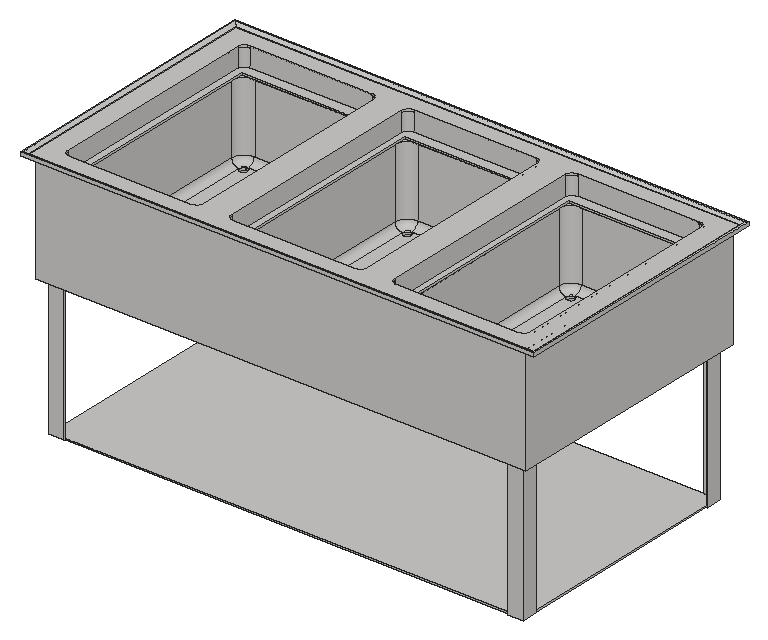
Revit family "QF_Vollrath_FC-HCF-03120", category Specialty Equipment, Revit 2021
Family settings
  Round Connector Dimension = Use Diameter
  Part Type = Normal
  OmniClass Number = 23.40.40.00
  OmniClass Title = Food Service Equipment and Furnishings
  Work Plane-Based = Yes
  Always vertical = Yes
  Cut with Voids When Loaded = Yes
  Shared = No
  Room Calculation Point = No
Parameters (values of type "FC-6HC-03120 (120/60/1)")
  Width = 49.782"  # constant formula
  Weight in Pounds = 212
  Watts = 1875 W
  Watermarked By = ""
  Waste Water Discharge Temperature [instance] = -459.67 °F
  Volts = 120 V
  URL Cutsheet = ""
  URL = "www.vollrath.com"
  Status [instance] = ""
  Specification by User [instance] = ""
  Specification by Manufacturer [instance] = ""
  Serial Number [instance] = ""
  Revision Code [instance] = ""
  Plumbing Remarks [instance] = ""
  Plumbing Connection Type = ""
  Phase = 1
  Number of Poles [instance] = 1
  NAFEM Spec ID Number [instance] = ""
  Model = "FC-6HC-03120"
  Masterspec [instance] = ""
  Manufacturer = "Vollrath"  # constant formula
  KCLRef = ""
  KCL SpecSheet URL = "http://kcl5.kclcad.com/imagehandler.ashx?kdoc=mfr_spc_drop-inhotcold3well_l36181_en_2019-01-25&R=VC&M=FC-6HC-03120%20&VC=7&TID=KCLWeb&T=doc"
  Item Number [instance] = "-"
  Installed By [instance] = ""
  Indirect Waste Size OD = Indirect Waste Size + 1/8"  # 7/8"
  Indirect Waste Size = 3/4"
  Indirect Waste Flow [instance] = 0 GPM
  Indirect Waste Connection Type [instance] = ""
  Indirect Waste Connection Height = -14.500"
  HP = ".25"
  Furnished By [instance] = ""
  Foodservice Equipment Identifier = yes
  FL Amps = 15.5 A
  Electrical Remarks [instance] = ""
  Electric Connection Type = "0"
  Elec Conn RI Height [instance] = 0.000"
  Elec Conn Connection Height [instance] = -24.000"
  Description = "Drop-In, Hot/Cold"
  Depth = 26.000"  # constant formula
  Default Elevation = 0.000"
  Cycle = 60 Hz
  Cutout Width = 49.000"  # constant formula
  Cutout Depth = 25.250"  # constant formula
  Conn Plug = "NEMA 5-20P"
  Conn Conduit = yes
  CSI MasterFormat = "11 46 16"
  Assembly Code = "E1090320"
  Apparent Power = Volts * FL Amps  # 1860 VA
Reference planes (in)
  plane 1 "BACK": y = 9.92068
  plane 2: z = 0
  plane 3 "LEFT": x = -16.56573
  plane 4 "RIGHT": x = 33.21627
  plane 5 "FRONT": y = -16.07932
  plane 6 "BOTTOM": z = -24
  plane 7 "Cutout Left": x = -16.17473
  plane 8 "Cutout Right": x = 32.82527
  plane 9 "Center LR": x = 8.32527
  plane 10 "Center FB": y = -3.07932
  plane 11 "Cutout Back": y = 9.54568
  plane 12 "Cutout Front": y = -15.70432
  plane 13 "TOP": z = 0.375
  plane 14 "Outer Bottom": z = -10.5
  plane 15 "DI Top": z = 0.125
  plane 16 "Inner Well Top": z = -1.875
  plane 17 "Well Bottom": z = -9.375
  plane 18 "Outer Back": y = 9.44968
  plane 19 "Outer Front": y = -15.60832
  plane 20 "Compressor Back": y = 8.82693
  plane 21 "Compressor Front": y = -14.98557
  plane 22 "Outer Left": x = -15.43673
  plane 23 "Outer Right": x = 32.08727
  plane 24 "Compressor Left": x = -14.70548
  plane 25 "Compressor Right": x = 31.35602
  plane 26 "One Well Left": x = -14.12823
  plane 27 "One Well Right": x = -0.95423
  plane 28 "Well Back": y = 7.88268
  plane 29 "Well Front": y = -14.04132
  plane 30 "Well Inner Front": y = -12.29132
  plane 31 "Well Inner Back": y = 6.13268
  plane 32 "One Well Inner Left": x = -12.75323
  plane 33 "One Well Inner Right": x = -2.32923
  plane 34 "Drain Bottom": z = -14.5
  plane 35 "Two Well Left": x = 1.73077
  plane 36 "Two Well Right": x = 14.90477
  plane 37 "Two Well Inner Left": x = 3.10577
  plane 38 "Two Well Inner Right": x = 13.52977
  plane 39 "Three Well Left": x = 17.58977
  plane 40 "Three Well Right": x = 30.76377
  plane 41 "Three Well Inner Left": x = 18.96477
  plane 42 "Three Well Inner Right": x = 29.38877
Forms (in)
  Extrusion 1, void
    sketch origin (0, 0, -24) x (0, 1, 0) y (-1, 0, 0)
      loop
        arc (9.54568, 15.29973) -> (9.2894, 15.91844) -> (8.67068, 16.17473) r 0.875
        line (8.67068, 16.17473) -> (-14.82932, 16.17473)
        arc (-14.82932, 16.17473) -> (-15.44804, 15.91844) -> (-15.70432, 15.29973) r 0.875
        line (-15.70432, 15.29973) -> (-15.70432, -31.95027)
        arc (-15.70432, -31.95027) -> (-15.44804, -32.56899) -> (-14.82932, -32.82527) r 0.875
        line (-14.82932, -32.82527) -> (8.67068, -32.82527)
        arc (8.67068, -32.82527) -> (9.2894, -32.56899) -> (9.54568, -31.95027) r 0.875
        line (9.54568, -31.95027) -> (9.54568, 15.29973)
    from 0 to 24
  Sweep 2, solid, material "QF_Stainless-Polished"
    path origin (0, 0, 0) x (1, 0, 0) y (0, 1, 0)
      loop
        line (-16.56573, 9.92068) -> (-16.56573, -16.07932) -> (33.21627, -16.07932) -> (33.21627, 9.92068) -> (-16.56573, 9.92068)
    profile origin (8.32527, 9.92068, 0) x (0, 1, 0) y (0, 0, 1)
      loop
        line (0, 0) -> (0, 0.375) -> (-0.125, 0.375) -> (-0.4375, 0.125) -> (-0.4375, 0) -> (0, 0)
  Extrusion 3, solid, material "QF_Stainless-Polished"
    sketch origin (0, 0, 0) x (1, 0, 0) y (0, 1, 0)
      loop
        line (-16.12823, -15.64182) -> (32.77877, -15.64182) -> (32.77877, 9.48318) -> (-16.12823, 9.48318) -> (-16.12823, -15.64182)
      loop
        arc (-13.44023, 7.88268) -> (-13.92671, 7.68117) -> (-14.12823, 7.19468) r 0.688
        line (-14.12823, 7.19468) -> (-14.12823, -13.35332)
        arc (-14.12823, -13.35332) -> (-13.92671, -13.83981) -> (-13.44023, -14.04132) r 0.688
        line (-13.44023, -14.04132) -> (-1.64223, -14.04132)
        arc (-1.64223, -14.04132) -> (-1.15574, -13.83981) -> (-0.95423, -13.35332) r 0.688
        line (-0.95423, -13.35332) -> (-0.95423, 7.19468)
        arc (-0.95423, 7.19468) -> (-1.15574, 7.68117) -> (-1.64223, 7.88268) r 0.688
        line (-1.64223, 7.88268) -> (-13.44023, 7.88268)
      loop
        arc (2.41877, 7.88268) -> (1.93229, 7.68117) -> (1.73077, 7.19468) r 0.688
        line (1.73077, 7.19468) -> (1.73077, -13.35332)
        arc (1.73077, -13.35332) -> (1.93229, -13.83981) -> (2.41877, -14.04132) r 0.688
        line (2.41877, -14.04132) -> (14.21677, -14.04132)
        arc (14.21677, -14.04132) -> (14.70326, -13.83981) -> (14.90477, -13.35332) r 0.688
        line (14.90477, -13.35332) -> (14.90477, 7.19468)
        arc (14.90477, 7.19468) -> (14.70326, 7.68117) -> (14.21677, 7.88268) r 0.688
        line (14.21677, 7.88268) -> (2.41877, 7.88268)
      loop
        arc (18.27777, 7.88268) -> (17.79129, 7.68117) -> (17.58977, 7.19468) r 0.688
        line (17.58977, 7.19468) -> (17.58977, -13.35332)
        arc (17.58977, -13.35332) -> (17.79129, -13.83981) -> (18.27777, -14.04132) r 0.688
        line (18.27777, -14.04132) -> (30.07577, -14.04132)
        arc (30.07577, -14.04132) -> (30.56226, -13.83981) -> (30.76377, -13.35332) r 0.688
        line (30.76377, -13.35332) -> (30.76377, 7.19468)
        arc (30.76377, 7.19468) -> (30.56226, 7.68117) -> (30.07577, 7.88268) r 0.688
        line (30.07577, 7.88268) -> (18.27777, 7.88268)
    from 0 to 0.125
  Extrusion 4, solid, material "QF_Stainless-Polished"
    sketch origin (0, 0, -1.875) x (0, 1, 0) y (-1, 0, 0)
      loop
        arc (7.88268, 13.44023) -> (7.68117, 13.92671) -> (7.19468, 14.12823) r 0.688
        line (7.19468, 14.12823) -> (-13.35332, 14.12823)
        arc (-13.35332, 14.12823) -> (-13.83981, 13.92671) -> (-14.04132, 13.44023) r 0.688
        line (-14.04132, 13.44023) -> (-14.04132, 1.64223)
        arc (-14.04132, 1.64223) -> (-13.83981, 1.15574) -> (-13.35332, 0.95423) r 0.688
        line (-13.35332, 0.95423) -> (7.19468, 0.95423)
        arc (7.19468, 0.95423) -> (7.68117, 1.15574) -> (7.88268, 1.64223) r 0.688
        line (7.88268, 1.64223) -> (7.88268, 13.44023)
      loop
        arc (8.00768, 13.44023) -> (7.76956, 14.0151) -> (7.19468, 14.25323) r 0.813
        line (7.19468, 14.25323) -> (-13.35332, 14.25323)
        arc (-13.35332, 14.25323) -> (-13.9282, 14.0151) -> (-14.16632, 13.44023) r 0.813
        line (-14.16632, 13.44023) -> (-14.16632, 1.64223)
        arc (-14.16632, 1.64223) -> (-13.9282, 1.06735) -> (-13.35332, 0.82923) r 0.813
        line (-13.35332, 0.82923) -> (7.19468, 0.82923)
        arc (7.19468, 0.82923) -> (7.76956, 1.06735) -> (8.00768, 1.64223) r 0.813
        line (8.00768, 1.64223) -> (8.00768, 13.44023)
    from 0 to 1.875
  Extrusion 5, solid, material "QF_Stainless-Polished"
    sketch origin (0, 0, -1.875) x (0, 1, 0) y (-1, 0, 0)
      loop
        arc (7.88268, 13.44023) -> (7.68117, 13.92671) -> (7.19468, 14.12823) r 0.688
        line (7.19468, 14.12823) -> (-13.35332, 14.12823)
        arc (-13.35332, 14.12823) -> (-13.83981, 13.92671) -> (-14.04132, 13.44023) r 0.688
        line (-14.04132, 13.44023) -> (-14.04132, 1.64223)
        arc (-14.04132, 1.64223) -> (-13.83981, 1.15574) -> (-13.35332, 0.95423) r 0.688
        line (-13.35332, 0.95423) -> (7.19468, 0.95423)
        arc (7.19468, 0.95423) -> (7.68117, 1.15574) -> (7.88268, 1.64223) r 0.688
        line (7.88268, 1.64223) -> (7.88268, 13.44023)
      loop
        line (6.81968, 13.44023) -> (-12.97832, 13.44023) -> (-12.97832, 1.64223) -> (6.81968, 1.64223) -> (6.81968, 13.44023)
    from 0 to 0.125
  Sweep 6, solid, material "QF_Stainless-Polished"
    path origin (0, 0, -1.875) x (0, 1, 0) y (-1, 0, 0)
      loop
        arc (6.81968, 12.19023) -> (6.45357, 13.07411) -> (5.56968, 13.44023) r 1.25
        line (5.56968, 13.44023) -> (-11.72832, 13.44023)
        arc (-11.72832, 13.44023) -> (-12.6122, 13.07411) -> (-12.97832, 12.19023) r 1.25
        line (-12.97832, 12.19023) -> (-12.97832, 2.89223)
        arc (-12.97832, 2.89223) -> (-12.6122, 2.00834) -> (-11.72832, 1.64223) r 1.25
        line (-11.72832, 1.64223) -> (5.56968, 1.64223)
        arc (5.56968, 1.64223) -> (6.45357, 2.00834) -> (6.81968, 2.89223) r 1.25
        line (6.81968, 2.89223) -> (6.81968, 12.19023)
    profile origin (-7.54123, 6.81968, -1.875) x (0, 1, 0) y (0, 0, 1)
      loop
        line (0, 0) -> (0, -6.688)
        arc (0, -6.688) -> (-0.20122, -7.17378) -> (-0.687, -7.375) r 0.687
        line (-0.687, -7.375) -> (-0.687, -7.5)
        arc (-0.687, -7.5) -> (-0.11283, -7.26217) -> (0.125, -6.688) r 0.812
        line (0.125, -6.688) -> (0.125, 0) -> (0, 0)
  Extrusion 7, solid, material "QF_Stainless-Polished"
    sketch origin (0, 0, -1.875) x (0, 1, 0) y (-1, 0, 0)
      loop
        arc (5.56968, 13.56523) -> (6.54195, 13.1625) -> (6.94468, 12.19023) r 1.375
        line (6.94468, 12.19023) -> (6.94468, 13.56523) -> (5.56968, 13.56523)
      loop
        arc (6.94468, 2.89223) -> (6.54195, 1.91995) -> (5.56968, 1.51723) r 1.375
        line (5.56968, 1.51723) -> (6.94468, 1.51723) -> (6.94468, 2.89223)
      loop
        arc (-13.10332, 12.19023) -> (-12.70059, 13.1625) -> (-11.72832, 13.56523) r 1.375
        line (-11.72832, 13.56523) -> (-13.10332, 13.56523) -> (-13.10332, 12.19023)
      loop
        arc (-11.72832, 1.51723) -> (-12.70059, 1.91995) -> (-13.10332, 2.89223) r 1.375
        line (-13.10332, 2.89223) -> (-13.10332, 1.51723) -> (-11.72832, 1.51723)
    from 0 to -0.125
  Extrusion 8, solid, material "QF_Stainless-Polished"
    sketch origin (0, 0, -9.375) x (0, 1, 0) y (-1, 0, 0)
      loop
        arc (6.13268, 12.19023) -> (5.96778, 12.58833) -> (5.56968, 12.75323) r 0.563
        line (5.56968, 12.75323) -> (-11.72832, 12.75323)
        arc (-11.72832, 12.75323) -> (-12.12642, 12.58833) -> (-12.29132, 12.19023) r 0.563
        line (-12.29132, 12.19023) -> (-12.29132, 2.89223)
        arc (-12.29132, 2.89223) -> (-12.12642, 2.49412) -> (-11.72832, 2.32923) r 0.563
        line (-11.72832, 2.32923) -> (5.56968, 2.32923)
        arc (5.56968, 2.32923) -> (5.96778, 2.49412) -> (6.13268, 2.89223) r 0.563
        line (6.13268, 2.89223) -> (6.13268, 12.19023)
      loop
        circle (5.56968, 12.19023) r 0.375
    from 0 to 0.125
  Extrusion 9, solid, material "QF_Stainless-Polished"
    sketch origin (0, 0, -10.5) x (0, 1, 0) y (-1, 0, 0)
      loop
        line (9.44968, 15.43673) -> (-15.60832, 15.43673) -> (-15.60832, -32.08727) -> (9.44968, -32.08727) -> (9.44968, 15.43673)
      loop
        line (-15.48332, 15.31173) -> (-15.48332, -31.96227) -> (9.32468, -31.96227) -> (9.32468, 15.31173) -> (-15.48332, 15.31173)
    from 0 to 10.5
  Extrusion 10, solid, material "QF_Stainless-Polished"
    sketch origin (0, 0, -10.5) x (0, 1, 0) y (-1, 0, 0)
      loop
        line (-15.48332, 15.31173) -> (-15.48332, -31.96227) -> (9.32468, -31.96227) -> (9.32468, 15.31173) -> (-15.48332, 15.31173)
      loop
        circle (5.56968, 12.19023) r 0.4375
      loop
        circle (5.56968, -3.66877) r 0.4375
      loop
        circle (5.56968, -19.52777) r 0.4375
    from 0 to 0.125
  Extrusion 11, solid, material "QF_Stainless-Polished"
    sketch origin (0, 0, -24) x (0, 1, 0) y (-1, 0, 0)
      loop
        line (8.82693, 14.70548) -> (7.32693, 14.70548) -> (7.32693, 14.58048) -> (8.70193, 14.58048) -> (8.70193, 13.20548) -> (8.82693, 13.20548) -> (8.82693, 14.70548)
      loop
        line (8.82693, -31.35602) -> (8.82693, -29.85602) -> (8.70193, -29.85602) -> (8.70193, -31.23102) -> (7.32693, -31.23102) -> (7.32693, -31.35602) -> (8.82693, -31.35602)
      loop
        line (-14.98557, 14.70548) -> (-14.98557, 13.20548) -> (-14.86057, 13.20548) -> (-14.86057, 14.58048) -> (-13.48557, 14.58048) -> (-13.48557, 14.70548) -> (-14.98557, 14.70548)
      loop
        line (-14.98557, -31.35602) -> (-13.48557, -31.35602) -> (-13.48557, -31.23102) -> (-14.86057, -31.23102) -> (-14.86057, -29.85602) -> (-14.98557, -29.85602) -> (-14.98557, -31.35602)
    from 0 to 13.5
  Extrusion 12, solid, material "QF_Stainless-Polished"
    sketch origin (0, 0, -24) x (0, 1, 0) y (-1, 0, 0)
      loop
        line (8.70193, 14.58048) -> (-14.86057, 14.58048) -> (-14.86057, -31.23102) -> (8.70193, -31.23102) -> (8.70193, 14.58048)
    from 0 to 0.125
  Extrusion 13, solid, material "QF_Stainless-Polished"
    sketch origin (0, 0, -14.5) x (0, 1, 0) y (-1, 0, 0)
      loop
        circle (5.56968, 12.19023) r 0.375
      loop
        circle (5.56968, 12.19023) r 0.4375
    from 0 to 5.125
  Extrusion 14, solid, material "QF_Stainless-Polished"
    sketch origin (15.859, 0, -1.875) x (0, 1, 0) y (-1, 0, 0)
      loop
        arc (7.88268, 13.44023) -> (7.68117, 13.92671) -> (7.19468, 14.12823) r 0.688
        line (7.19468, 14.12823) -> (-13.35332, 14.12823)
        arc (-13.35332, 14.12823) -> (-13.83981, 13.92671) -> (-14.04132, 13.44023) r 0.688
        line (-14.04132, 13.44023) -> (-14.04132, 1.64223)
        arc (-14.04132, 1.64223) -> (-13.83981, 1.15574) -> (-13.35332, 0.95423) r 0.688
        line (-13.35332, 0.95423) -> (7.19468, 0.95423)
        arc (7.19468, 0.95423) -> (7.68117, 1.15574) -> (7.88268, 1.64223) r 0.688
        line (7.88268, 1.64223) -> (7.88268, 13.44023)
      loop
        arc (8.00768, 13.44023) -> (7.76956, 14.0151) -> (7.19468, 14.25323) r 0.813
        line (7.19468, 14.25323) -> (-13.35332, 14.25323)
        arc (-13.35332, 14.25323) -> (-13.9282, 14.0151) -> (-14.16632, 13.44023) r 0.813
        line (-14.16632, 13.44023) -> (-14.16632, 1.64223)
        arc (-14.16632, 1.64223) -> (-13.9282, 1.06735) -> (-13.35332, 0.82923) r 0.813
        line (-13.35332, 0.82923) -> (7.19468, 0.82923)
        arc (7.19468, 0.82923) -> (7.76956, 1.06735) -> (8.00768, 1.64223) r 0.813
        line (8.00768, 1.64223) -> (8.00768, 13.44023)
    from 0 to 1.875
  Extrusion 15, solid, material "QF_Stainless-Polished"
    sketch origin (15.859, 0, -1.875) x (0, 1, 0) y (-1, 0, 0)
      loop
        arc (7.88268, 13.44023) -> (7.68117, 13.92671) -> (7.19468, 14.12823) r 0.688
        line (7.19468, 14.12823) -> (-13.35332, 14.12823)
        arc (-13.35332, 14.12823) -> (-13.83981, 13.92671) -> (-14.04132, 13.44023) r 0.688
        line (-14.04132, 13.44023) -> (-14.04132, 1.64223)
        arc (-14.04132, 1.64223) -> (-13.83981, 1.15574) -> (-13.35332, 0.95423) r 0.688
        line (-13.35332, 0.95423) -> (7.19468, 0.95423)
        arc (7.19468, 0.95423) -> (7.68117, 1.15574) -> (7.88268, 1.64223) r 0.688
        line (7.88268, 1.64223) -> (7.88268, 13.44023)
      loop
        line (6.81968, 13.44023) -> (-12.97832, 13.44023) -> (-12.97832, 1.64223) -> (6.81968, 1.64223) -> (6.81968, 13.44023)
    from 0 to 0.125
  Sweep 16, solid, material "QF_Stainless-Polished"
    path origin (15.859, 0, -1.875) x (0, 1, 0) y (-1, 0, 0)
      loop
        arc (6.81968, 12.19023) -> (6.45357, 13.07411) -> (5.56968, 13.44023) r 1.25
        line (5.56968, 13.44023) -> (-11.72832, 13.44023)
        arc (-11.72832, 13.44023) -> (-12.6122, 13.07411) -> (-12.97832, 12.19023) r 1.25
        line (-12.97832, 12.19023) -> (-12.97832, 2.89223)
        arc (-12.97832, 2.89223) -> (-12.6122, 2.00834) -> (-11.72832, 1.64223) r 1.25
        line (-11.72832, 1.64223) -> (5.56968, 1.64223)
        arc (5.56968, 1.64223) -> (6.45357, 2.00834) -> (6.81968, 2.89223) r 1.25
        line (6.81968, 2.89223) -> (6.81968, 12.19023)
    profile origin (8.31777, 6.81968, -1.875) x (0, 1, 0) y (0, 0, 1)
      loop
        line (0, 0) -> (0, -6.688)
        arc (0, -6.688) -> (-0.20122, -7.17378) -> (-0.687, -7.375) r 0.687
        line (-0.687, -7.375) -> (-0.687, -7.5)
        arc (-0.687, -7.5) -> (-0.11283, -7.26217) -> (0.125, -6.688) r 0.812
        line (0.125, -6.688) -> (0.125, 0) -> (0, 0)
  Extrusion 17, solid, material "QF_Stainless-Polished"
    sketch origin (15.859, 0, -1.875) x (0, 1, 0) y (-1, 0, 0)
      loop
        arc (5.56968, 13.56523) -> (6.54195, 13.1625) -> (6.94468, 12.19023) r 1.375
        line (6.94468, 12.19023) -> (6.94468, 13.56523) -> (5.56968, 13.56523)
      loop
        arc (6.94468, 2.89223) -> (6.54195, 1.91995) -> (5.56968, 1.51723) r 1.375
        line (5.56968, 1.51723) -> (6.94468, 1.51723) -> (6.94468, 2.89223)
      loop
        arc (-13.10332, 12.19023) -> (-12.70059, 13.1625) -> (-11.72832, 13.56523) r 1.375
        line (-11.72832, 13.56523) -> (-13.10332, 13.56523) -> (-13.10332, 12.19023)
      loop
        arc (-11.72832, 1.51723) -> (-12.70059, 1.91995) -> (-13.10332, 2.89223) r 1.375
        line (-13.10332, 2.89223) -> (-13.10332, 1.51723) -> (-11.72832, 1.51723)
    from 0 to -0.125
  Extrusion 18, solid, material "QF_Stainless-Polished"
    sketch origin (15.859, 0, -9.375) x (0, 1, 0) y (-1, 0, 0)
      loop
        arc (6.13268, 12.19023) -> (5.96778, 12.58833) -> (5.56968, 12.75323) r 0.563
        line (5.56968, 12.75323) -> (-11.72832, 12.75323)
        arc (-11.72832, 12.75323) -> (-12.12642, 12.58833) -> (-12.29132, 12.19023) r 0.563
        line (-12.29132, 12.19023) -> (-12.29132, 2.89223)
        arc (-12.29132, 2.89223) -> (-12.12642, 2.49412) -> (-11.72832, 2.32923) r 0.563
        line (-11.72832, 2.32923) -> (5.56968, 2.32923)
        arc (5.56968, 2.32923) -> (5.96778, 2.49412) -> (6.13268, 2.89223) r 0.563
        line (6.13268, 2.89223) -> (6.13268, 12.19023)
      loop
        circle (5.56968, 12.19023) r 0.375
      loop
        arc (6.13268, -3.66877) -> (5.96778, -3.27067) -> (5.56968, -3.10577) r 0.563
        line (5.56968, -3.10577) -> (-11.72832, -3.10577)
        arc (-11.72832, -3.10577) -> (-12.12642, -3.27067) -> (-12.29132, -3.66877) r 0.563
        line (-12.29132, -3.66877) -> (-12.29132, -12.96677)
        arc (-12.29132, -12.96677) -> (-12.12642, -13.36488) -> (-11.72832, -13.52977) r 0.563
        line (-11.72832, -13.52977) -> (5.56968, -13.52977)
        arc (5.56968, -13.52977) -> (5.96778, -13.36488) -> (6.13268, -12.96677) r 0.563
        line (6.13268, -12.96677) -> (6.13268, -3.66877)
      loop
        circle (5.56968, -3.66877) r 0.375
    from 0 to 0.125
  Extrusion 19, solid, material "QF_Stainless-Polished"
    sketch origin (15.859, 0, -14.5) x (0, 1, 0) y (-1, 0, 0)
      loop
        circle (5.56968, 12.19023) r 0.375
      loop
        circle (5.56968, 12.19023) r 0.4375
    from 0 to 5.125
  Extrusion 20, solid, material "QF_Stainless-Polished"
    sketch origin (31.718, 0, -1.875) x (0, 1, 0) y (-1, 0, 0)
      loop
        arc (7.88268, 13.44023) -> (7.68117, 13.92671) -> (7.19468, 14.12823) r 0.688
        line (7.19468, 14.12823) -> (-13.35332, 14.12823)
        arc (-13.35332, 14.12823) -> (-13.83981, 13.92671) -> (-14.04132, 13.44023) r 0.688
        line (-14.04132, 13.44023) -> (-14.04132, 1.64223)
        arc (-14.04132, 1.64223) -> (-13.83981, 1.15574) -> (-13.35332, 0.95423) r 0.688
        line (-13.35332, 0.95423) -> (7.19468, 0.95423)
        arc (7.19468, 0.95423) -> (7.68117, 1.15574) -> (7.88268, 1.64223) r 0.688
        line (7.88268, 1.64223) -> (7.88268, 13.44023)
      loop
        arc (8.00768, 13.44023) -> (7.76956, 14.0151) -> (7.19468, 14.25323) r 0.813
        line (7.19468, 14.25323) -> (-13.35332, 14.25323)
        arc (-13.35332, 14.25323) -> (-13.9282, 14.0151) -> (-14.16632, 13.44023) r 0.813
        line (-14.16632, 13.44023) -> (-14.16632, 1.64223)
        arc (-14.16632, 1.64223) -> (-13.9282, 1.06735) -> (-13.35332, 0.82923) r 0.813
        line (-13.35332, 0.82923) -> (7.19468, 0.82923)
        arc (7.19468, 0.82923) -> (7.76956, 1.06735) -> (8.00768, 1.64223) r 0.813
        line (8.00768, 1.64223) -> (8.00768, 13.44023)
    from 0 to 1.875
  Extrusion 21, solid, material "QF_Stainless-Polished"
    sketch origin (31.718, 0, -1.875) x (0, 1, 0) y (-1, 0, 0)
      loop
        arc (7.88268, 13.44023) -> (7.68117, 13.92671) -> (7.19468, 14.12823) r 0.688
        line (7.19468, 14.12823) -> (-13.35332, 14.12823)
        arc (-13.35332, 14.12823) -> (-13.83981, 13.92671) -> (-14.04132, 13.44023) r 0.688
        line (-14.04132, 13.44023) -> (-14.04132, 1.64223)
        arc (-14.04132, 1.64223) -> (-13.83981, 1.15574) -> (-13.35332, 0.95423) r 0.688
        line (-13.35332, 0.95423) -> (7.19468, 0.95423)
        arc (7.19468, 0.95423) -> (7.68117, 1.15574) -> (7.88268, 1.64223) r 0.688
        line (7.88268, 1.64223) -> (7.88268, 13.44023)
      loop
        line (6.81968, 13.44023) -> (-12.97832, 13.44023) -> (-12.97832, 1.64223) -> (6.81968, 1.64223) -> (6.81968, 13.44023)
    from 0 to 0.125
  Sweep 22, solid, material "QF_Stainless-Polished"
    path origin (31.718, 0, -1.875) x (0, 1, 0) y (-1, 0, 0)
      loop
        arc (6.81968, 12.19023) -> (6.45357, 13.07411) -> (5.56968, 13.44023) r 1.25
        line (5.56968, 13.44023) -> (-11.72832, 13.44023)
        arc (-11.72832, 13.44023) -> (-12.6122, 13.07411) -> (-12.97832, 12.19023) r 1.25
        line (-12.97832, 12.19023) -> (-12.97832, 2.89223)
        arc (-12.97832, 2.89223) -> (-12.6122, 2.00834) -> (-11.72832, 1.64223) r 1.25
        line (-11.72832, 1.64223) -> (5.56968, 1.64223)
        arc (5.56968, 1.64223) -> (6.45357, 2.00834) -> (6.81968, 2.89223) r 1.25
        line (6.81968, 2.89223) -> (6.81968, 12.19023)
    profile origin (24.17677, 6.81968, -1.875) x (0, 1, 0) y (0, 0, 1)
      loop
        line (0, 0) -> (0, -6.688)
        arc (0, -6.688) -> (-0.20122, -7.17378) -> (-0.687, -7.375) r 0.687
        line (-0.687, -7.375) -> (-0.687, -7.5)
        arc (-0.687, -7.5) -> (-0.11283, -7.26217) -> (0.125, -6.688) r 0.812
        line (0.125, -6.688) -> (0.125, 0) -> (0, 0)
  Extrusion 23, solid, material "QF_Stainless-Polished"
    sketch origin (31.718, 0, -1.875) x (0, 1, 0) y (-1, 0, 0)
      loop
        arc (5.56968, 13.56523) -> (6.54195, 13.1625) -> (6.94468, 12.19023) r 1.375
        line (6.94468, 12.19023) -> (6.94468, 13.56523) -> (5.56968, 13.56523)
      loop
        arc (6.94468, 2.89223) -> (6.54195, 1.91995) -> (5.56968, 1.51723) r 1.375
        line (5.56968, 1.51723) -> (6.94468, 1.51723) -> (6.94468, 2.89223)
      loop
        arc (-13.10332, 12.19023) -> (-12.70059, 13.1625) -> (-11.72832, 13.56523) r 1.375
        line (-11.72832, 13.56523) -> (-13.10332, 13.56523) -> (-13.10332, 12.19023)
      loop
        arc (-11.72832, 1.51723) -> (-12.70059, 1.91995) -> (-13.10332, 2.89223) r 1.375
        line (-13.10332, 2.89223) -> (-13.10332, 1.51723) -> (-11.72832, 1.51723)
    from 0 to -0.125
  Extrusion 24, solid, material "QF_Stainless-Polished"
    sketch origin (31.718, 0, -14.5) x (0, 1, 0) y (-1, 0, 0)
      loop
        circle (5.56968, 12.19023) r 0.375
      loop
        circle (5.56968, 12.19023) r 0.4375
    from 0 to 5.125
Cuts and joins
  joined: Sweep 6, Extrusion 7, Extrusion 8
  joined: Extrusion 3, Extrusion 4, Extrusion 5, Extrusion 14, Extrusion 15, Extrusion 20, Extrusion 21
  joined: Sweep 16, Extrusion 17, Extrusion 18, Sweep 22, Extrusion 23
Lines and regions (in)
  symbolic lines, style "QF_Details_Cutout"
    curve 1: line (-15.29973, 9.54568, -24) -> (31.95027, 9.54568, -24)
    curve 2: line (-16.17473, -14.89782, -24) -> (-16.17473, 8.67068, -24)
    curve 3: line (32.01877, -15.70432, -24) -> (-15.36823, -15.70432, -24)
    curve 4: line (32.82527, 8.67068, -24) -> (32.82527, -14.89782, -24)
    curve 5: arc (-16.17473, -14.89782, -24) -> (-15.93851, -15.4681, -24) -> (-15.36823, -15.70432, -24) r 0.8065
    curve 6: arc (-15.29973, 9.54568, -24) -> (-15.91844, 9.2894, -24) -> (-16.17473, 8.67068, -24) r 0.875
    curve 7: arc (31.95027, 9.54568, -24) -> (32.56899, 9.2894, -24) -> (32.82527, 8.67068, -24) r 0.875
    curve 8: arc (32.82527, -14.89782, -24) -> (32.58906, -15.4681, -24) -> (32.01877, -15.70432, -24) r 0.8065
  symbolic lines
    curve 9: line (-16.56573, 9.92068, -24) -> (33.21627, 9.92068, -24)
    curve 10: line (-16.56573, -16.07932, -24) -> (-16.56573, 9.92068, -24)
    curve 11: line (33.21627, -16.07932, -24) -> (-16.56573, -16.07932, -24)
    curve 12: line (33.21627, 9.92068, -24) -> (33.21627, -16.07932, -24)
    curve 13: line (-16.12823, 9.48318, -24) -> (-16.12823, -15.64182, -24)
    curve 14: line (32.77877, 9.48318, -24) -> (-16.12823, 9.48318, -24)
    curve 15: line (32.77877, -15.64182, -24) -> (32.77877, 9.48318, -24)
    curve 16: line (-16.12823, -15.64182, -24) -> (32.77877, -15.64182, -24)
    curve 17: line (32.77877, -15.64182, -24) -> (33.21627, -16.07932, -24)
    curve 18: line (32.77877, 9.48318, -24) -> (33.21627, 9.92068, -24)
    curve 19: line (-16.12823, 9.48318, -24) -> (-16.56573, 9.92068, -24)
    curve 20: line (-16.12823, -15.64182, -24) -> (-16.56573, -16.07932, -24)
    curve 21: line (-13.44023, 7.88268, -24) -> (-1.64223, 7.88268, -24)
    curve 22: line (-14.12823, -13.35332, -24) -> (-14.12823, 7.19468, -24)
    curve 23: line (-1.64223, -14.04132, -24) -> (-13.44023, -14.04132, -24)
    curve 24: line (-0.95423, 7.19468, -24) -> (-0.95423, -13.35332, -24)
    curve 25: line (-12.19023, 6.13268, -24) -> (-2.89223, 6.13268, -24)
    curve 26: line (-12.75323, -11.72832, -24) -> (-12.75323, 5.56968, -24)
    curve 27: line (-2.89223, -12.29132, -24) -> (-12.19023, -12.29132, -24)
    curve 28: line (-2.32923, 5.56968, -24) -> (-2.32923, -11.72832, -24)
    curve 29: line (-13.44023, 6.81968, -24) -> (-1.64223, 6.81968, -24)
    curve 30: line (-13.44023, -12.97832, -24) -> (-13.44023, 6.81968, -24)
    curve 31: line (-1.64223, -12.97832, -24) -> (-13.44023, -12.97832, -24)
    curve 32: line (-1.64223, 6.81968, -24) -> (-1.64223, -12.97832, -24)
    curve 33: arc (-12.19023, 5.94468, -24) -> (-11.81523, 5.56968, -24) -> (-12.19023, 5.19468, -24) r 0.375
    curve 34: arc (-12.19023, 5.19468, -24) -> (-12.56523, 5.56968, -24) -> (-12.19023, 5.94468, -24) r 0.375
    curve 35: arc (-13.44023, 5.56968, -24) -> (-13.07411, 6.45357, -24) -> (-12.19023, 6.81968, -24) r 1.25
    curve 36: arc (-2.89223, 6.81968, -24) -> (-2.00834, 6.45357, -24) -> (-1.64223, 5.56968, -24) r 1.25
    curve 37: arc (-12.19023, -12.97832, -24) -> (-13.07411, -12.6122, -24) -> (-13.44023, -11.72832, -24) r 1.25
    curve 38: arc (-1.64223, -11.72832, -24) -> (-2.00834, -12.6122, -24) -> (-2.89223, -12.97832, -24) r 1.25
    curve 39: arc (-12.75323, -11.72832, -24) -> (-12.58833, -12.12642, -24) -> (-12.19023, -12.29132, -24) r 0.563
    curve 40: arc (-2.89223, -12.29132, -24) -> (-2.49412, -12.12642, -24) -> (-2.32923, -11.72832, -24) r 0.563
    curve 41: arc (-2.32923, 5.56968, -24) -> (-2.49412, 5.96778, -24) -> (-2.89223, 6.13268, -24) r 0.563
    curve 42: arc (-12.19023, 6.13268, -24) -> (-12.58833, 5.96778, -24) -> (-12.75323, 5.56968, -24) r 0.563
    curve 43: arc (-13.44023, 7.88268, -24) -> (-13.92671, 7.68117, -24) -> (-14.12823, 7.19468, -24) r 0.688
    curve 44: arc (-1.64223, 7.88268, -24) -> (-1.15574, 7.68117, -24) -> (-0.95423, 7.19468, -24) r 0.688
    curve 45: arc (-14.12823, -13.35332, -24) -> (-13.92671, -13.83981, -24) -> (-13.44023, -14.04132, -24) r 0.688
    curve 46: arc (-1.64223, -14.04132, -24) -> (-1.15574, -13.83981, -24) -> (-0.95423, -13.35332, -24) r 0.688
    curve 47: arc (1.73077, 7.19468, -14.5) -> (1.93229, 7.68117, -14.5) -> (2.41877, 7.88268, -14.5) r 0.688
    curve 48: line (2.41877, 7.88268, -14.5) -> (14.21677, 7.88268, -14.5)
    curve 49: line (1.73077, -13.35332, -14.5) -> (1.73077, 7.19468, -14.5)
    curve 50: line (2.41877, -12.97832, -14.5) -> (2.41877, 6.81968, -14.5)
    curve 51: line (2.41877, 6.81968, -14.5) -> (14.21677, 6.81968, -14.5)
    curve 52: arc (2.41877, 5.56968, -14.5) -> (2.78489, 6.45357, -14.5) -> (3.66877, 6.81968, -14.5) r 1.25
    curve 53: arc (3.66877, 5.19468, -14.5) -> (3.29377, 5.56968, -14.5) -> (3.66877, 5.94468, -14.5) r 0.375
    curve 54: arc (3.66877, 5.94468, -14.5) -> (4.04377, 5.56968, -14.5) -> (3.66877, 5.19468, -14.5) r 0.375
    curve 55: arc (12.96677, 6.81968, -14.5) -> (13.85066, 6.45357, -14.5) -> (14.21677, 5.56968, -14.5) r 1.25
    curve 56: line (14.21677, 6.81968, -14.5) -> (14.21677, -12.97832, -14.5)
    curve 57: arc (14.21677, 7.88268, -14.5) -> (14.70326, 7.68117, -14.5) -> (14.90477, 7.19468, -14.5) r 0.688
    curve 58: line (14.90477, 7.19468, -14.5) -> (14.90477, -13.35332, -14.5)
    curve 59: arc (3.66877, -12.97832, -14.5) -> (2.78489, -12.6122, -14.5) -> (2.41877, -11.72832, -14.5) r 1.25
    curve 60: line (14.21677, -12.97832, -14.5) -> (2.41877, -12.97832, -14.5)
    curve 61: arc (2.41877, -14.04132, -14.5) -> (1.93229, -13.83981, -14.5) -> (1.73077, -13.35332, -14.5) r 0.688
    curve 62: line (14.21677, -14.04132, -14.5) -> (2.41877, -14.04132, -14.5)
    curve 63: arc (14.90477, -13.35332, -14.5) -> (14.70326, -13.83981, -14.5) -> (14.21677, -14.04132, -14.5) r 0.688
    curve 64: arc (14.21677, -11.72832, -14.5) -> (13.85066, -12.6122, -14.5) -> (12.96677, -12.97832, -14.5) r 1.25
    curve 65: arc (19.52777, -12.97832, -14.5) -> (18.64389, -12.6122, -14.5) -> (18.27777, -11.72832, -14.5) r 1.25
    curve 66: line (30.07577, -12.97832, -14.5) -> (18.27777, -12.97832, -14.5)
    curve 67: line (18.27777, -12.97832, -14.5) -> (18.27777, 6.81968, -14.5)
    curve 68: line (17.58977, -13.35332, -14.5) -> (17.58977, 7.19468, -14.5)
    curve 69: arc (18.27777, -14.04132, -14.5) -> (17.79129, -13.83981, -14.5) -> (17.58977, -13.35332, -14.5) r 0.688
    curve 70: line (30.07577, -14.04132, -14.5) -> (18.27777, -14.04132, -14.5)
    curve 71: arc (30.07577, -11.72832, -14.5) -> (29.70966, -12.6122, -14.5) -> (28.82577, -12.97832, -14.5) r 1.25
    curve 72: line (30.07577, 6.81968, -14.5) -> (30.07577, -12.97832, -14.5)
    curve 73: arc (30.76377, -13.35332, -14.5) -> (30.56226, -13.83981, -14.5) -> (30.07577, -14.04132, -14.5) r 0.688
    curve 74: line (30.76377, 7.19468, -14.5) -> (30.76377, -13.35332, -14.5)
    curve 75: arc (19.52777, 5.94468, -14.5) -> (19.90277, 5.56968, -14.5) -> (19.52777, 5.19468, -14.5) r 0.375
    curve 76: arc (19.52777, 5.19468, -14.5) -> (19.15277, 5.56968, -14.5) -> (19.52777, 5.94468, -14.5) r 0.375
    curve 77: arc (18.27777, 5.56968, -14.5) -> (18.64389, 6.45357, -14.5) -> (19.52777, 6.81968, -14.5) r 1.25
    curve 78: line (18.27777, 6.81968, -14.5) -> (30.07577, 6.81968, -14.5)
    curve 79: arc (17.58977, 7.19468, -14.5) -> (17.79129, 7.68117, -14.5) -> (18.27777, 7.88268, -14.5) r 0.688
    curve 80: line (18.27777, 7.88268, -14.5) -> (30.07577, 7.88268, -14.5)
    curve 81: arc (28.82577, 6.81968, -14.5) -> (29.70966, 6.45357, -14.5) -> (30.07577, 5.56968, -14.5) r 1.25
    curve 82: arc (30.07577, 7.88268, -14.5) -> (30.56226, 7.68117, -14.5) -> (30.76377, 7.19468, -14.5) r 0.688
Dimensions and locks (in)
  "Width": plane 4 "RIGHT" to plane 3 "LEFT"
  "Depth": plane 5 "FRONT" to plane 1 "BACK"
  equal spacing: plane 3 "LEFT", plane 9 "Center LR", plane 4 "RIGHT"
  "Cutout Width": plane 7 "Cutout Left" to plane 8 "Cutout Right"
  equal spacing: plane 7 "Cutout Left", plane 9 "Center LR", plane 8 "Cutout Right"
  equal spacing: plane 5 "FRONT", plane 10 "Center FB", plane 1 "BACK"
  "Cutout Depth": plane 12 "Cutout Front" to plane 11 "Cutout Back"
  equal spacing: plane 12 "Cutout Front", plane 10 "Center FB", plane 11 "Cutout Back"
  locked: plane 6 "BOTTOM" to plane 2 at 24
  locked: plane 13 "TOP" to level at 0.375
  locked: level to plane 14 "Outer Bottom" at 10.5
  locked: plane 13 "TOP" to plane 15 "DI Top" at 0.25
  locked: plane 15 "DI Top" to plane 16 "Inner Well Top" at 2
  locked: plane 16 "Inner Well Top" to plane 17 "Well Bottom" at 7.5
  locked: plane 3 "LEFT" to plane 22 "Outer Left" at 1.129
  locked: plane 23 "Outer Right" to plane 4 "RIGHT" at 1.129
  locked: plane 22 "Outer Left" to plane 24 "Compressor Left" at 0.73125
  locked: plane 25 "Compressor Right" to plane 23 "Outer Right" at 0.73125
  locked: plane 18 "Outer Back" to plane 11 "Cutout Back" at 0.096
  locked: plane 12 "Cutout Front" to plane 19 "Outer Front" at 0.096
  locked: plane 19 "Outer Front" to plane 21 "Compressor Front" at 0.62275
  locked: plane 20 "Compressor Back" to plane 18 "Outer Back" at 0.62275
  locked: plane 26 "One Well Left" to plane 27 "One Well Right" at 13.174
  locked: plane 29 "Well Front" to plane 28 "Well Back" at 21.924
  equal spacing: plane 29 "Well Front", plane 10 "Center FB", plane 28 "Well Back"
  locked: plane 31 "Well Inner Back" to plane 28 "Well Back" at 1.75
  locked: plane 29 "Well Front" to plane 30 "Well Inner Front" at 1.75
  locked: plane 26 "One Well Left" to plane 32 "One Well Inner Left" at 1.375
  locked: plane 33 "One Well Inner Right" to plane 27 "One Well Right" at 1.375
  plane 1 "BACK" to Sweep 2 sketch curve to Sweep 2 sketch curve = 0.125" locked, 0.3125" locked
  locked: plane 3 "LEFT" to Extrusion 3 sketch curve at 0.4375
  locked: Extrusion 3 sketch curve to plane 1 "BACK" at 0.4375
  locked: Extrusion 3 sketch curve to plane 4 "RIGHT" at 0.4375
  locked: Extrusion 3 sketch curve to plane 5 "FRONT" at 0.4375
  locked: plane 29 "Well Front" to Extrusion 4 sketch curve at 0.125
  locked: plane 28 "Well Back" to Extrusion 4 sketch curve at 0.125
  locked: Extrusion 4 sketch curve to plane 26 "One Well Left" at 0.125
  locked: plane 27 "One Well Right" to Extrusion 4 sketch curve at 0.125
  locked: plane 26 "One Well Left" to Extrusion 5 sketch curve at 0.688
  locked: Extrusion 5 sketch curve to plane 27 "One Well Right" at 0.688
  locked: Extrusion 5 sketch curve to plane 28 "Well Back" at 1.063
  locked: Extrusion 5 sketch curve to plane 29 "Well Front" at 1.063
  locked: Sweep 6 sketch curve to plane 28 "Well Back" at 1.063
  locked: plane 26 "One Well Left" to Sweep 6 sketch curve at 0.688
  locked: Sweep 6 sketch curve to plane 27 "One Well Right" at 0.688
  locked: Sweep 6 sketch curve to plane 29 "Well Front" at 1.063
  Sweep 6 sketch curve to Sweep 6 sketch curve to plane 31 "Well Inner Back" = 0.125" locked, 0.687" locked
  locked: Sweep 6 sketch curve to plane 17 "Well Bottom" at 0.125
  locked: Sweep 6 sketch curve to plane 17 "Well Bottom" at 0.812  (x2)
  locked: Extrusion 7 sketch curve to plane 31 "Well Inner Back" at 0.812
  locked: Extrusion 7 sketch curve to plane 31 "Well Inner Back" at 0.563  (x2)
  locked: Extrusion 7 sketch curve to plane 32 "One Well Inner Left" at 0.812  (x2)
  locked: plane 32 "One Well Inner Left" to Extrusion 7 sketch curve at 0.563  (x2)
  locked: Extrusion 7 sketch curve to plane 33 "One Well Inner Right" at 0.563  (x2)
  locked: plane 33 "One Well Inner Right" to Extrusion 7 sketch curve at 0.812  (x2)
  locked: plane 31 "Well Inner Back" to Extrusion 7 sketch curve at 0.812
  locked: Extrusion 7 sketch curve to plane 30 "Well Inner Front" at 0.812  (x2)
  locked: plane 30 "Well Inner Front" to Extrusion 7 sketch curve at 0.563  (x2)
  locked: plane 32 "One Well Inner Left" to Extrusion 8 sketch curve at 0.563
  locked: Extrusion 8 sketch curve to plane 31 "Well Inner Back" at 0.563
  locked: Extrusion 9 sketch curve to plane 19 "Outer Front" at 0.125
  locked: Extrusion 9 sketch curve to plane 18 "Outer Back" at 0.125
  locked: plane 22 "Outer Left" to Extrusion 9 sketch curve at 0.125
  locked: Extrusion 9 sketch curve to plane 23 "Outer Right" at 0.125
  locked: Extrusion 10 sketch curve to plane 18 "Outer Back" at 0.125
  locked: Extrusion 10 sketch curve to plane 19 "Outer Front" at 0.125
  locked: plane 22 "Outer Left" to Extrusion 10 sketch curve at 0.125
  locked: Extrusion 10 sketch curve to plane 23 "Outer Right" at 0.125
  locked: Extrusion 10 sketch curve to plane 31 "Well Inner Back" at 0.563  (x3)
  locked: plane 32 "One Well Inner Left" to Extrusion 10 sketch curve at 0.563
  plane 24 "Compressor Left" to Extrusion 11 sketch curve to Extrusion 11 sketch curve = 0.125" locked, 1.375" locked  (x2)
  Extrusion 11 sketch curve to Extrusion 11 sketch curve to plane 20 "Compressor Back" = 1.375" locked, 0.125" locked  (x2)
  Extrusion 11 sketch curve to Extrusion 11 sketch curve to plane 25 "Compressor Right" = 1.375" locked, 0.125" locked  (x2)
  plane 21 "Compressor Front" to Extrusion 11 sketch curve to Extrusion 11 sketch curve = 0.125" locked, 1.375" locked  (x2)
  locked: Extrusion 12 sketch curve to plane 21 "Compressor Front" at 0.125
  locked: Extrusion 12 sketch curve to plane 20 "Compressor Back" at 0.125
  locked: plane 24 "Compressor Left" to Extrusion 12 sketch curve at 0.125
  locked: Extrusion 12 sketch curve to plane 25 "Compressor Right" at 0.125
  locked: plane 14 "Outer Bottom" to plane 34 "Drain Bottom" at 4
  locked: plane 32 "One Well Inner Left" to Extrusion 13 sketch curve at 0.563  (x2)
  locked: Extrusion 13 sketch curve to plane 31 "Well Inner Back" at 0.563  (x2)
  locked: plane 7 "Cutout Left" to Extrusion 1 sketch curve at 0.875  (x2)
  locked: Extrusion 1 sketch curve to plane 8 "Cutout Right" at 0.875  (x2)
  locked: Extrusion 1 sketch curve to plane 11 "Cutout Back" at 0.875  (x2)
  locked: plane 12 "Cutout Front" to Extrusion 1 sketch curve at 0.875  (x2)
  locked: plane 3 "LEFT" to plane 26 "One Well Left" at 2.4375
  locked: plane 35 "Two Well Left" to plane 36 "Two Well Right" at 13.174
  locked: plane 35 "Two Well Left" to plane 37 "Two Well Inner Left" at 1.375
  locked: plane 38 "Two Well Inner Right" to plane 36 "Two Well Right" at 1.375
  locked: plane 29 "Well Front" to Extrusion 14 sketch curve at 0.125
  locked: plane 28 "Well Back" to Extrusion 14 sketch curve at 0.125
  locked: Extrusion 14 sketch curve to plane 35 "Two Well Left" at 0.125
  locked: plane 36 "Two Well Right" to Extrusion 14 sketch curve at 0.125
  locked: plane 27 "One Well Right" to plane 35 "Two Well Left" at 2.685
  locked: plane 35 "Two Well Left" to Extrusion 15 sketch curve at 0.688
  locked: Extrusion 15 sketch curve to plane 36 "Two Well Right" at 0.688
  locked: Extrusion 15 sketch curve to plane 28 "Well Back" at 1.063
  locked: Extrusion 15 sketch curve to plane 29 "Well Front" at 1.063
  locked: Sweep 16 sketch curve to Sweep 16 sketch curve at 0.125
  locked: Sweep 16 sketch curve to plane 28 "Well Back" at 1.063
  locked: plane 35 "Two Well Left" to Sweep 16 sketch curve at 0.688
  locked: Sweep 16 sketch curve to plane 36 "Two Well Right" at 0.688
  locked: Sweep 16 sketch curve to plane 29 "Well Front" at 1.063
  plane 35 "Two Well Left" to Extrusion 17 sketch curve to Extrusion 17 sketch curve = 0.563" locked, 1.375" locked  (x2)
  Extrusion 17 sketch curve to Extrusion 17 sketch curve to plane 28 "Well Back" = 1.375" locked, 0.938" locked  (x2)
  Extrusion 17 sketch curve to Extrusion 17 sketch curve to plane 36 "Two Well Right" = 1.375" locked, 0.563" locked  (x2)
  plane 29 "Well Front" to Extrusion 17 sketch curve to Extrusion 17 sketch curve = 0.938" locked, 1.375" locked  (x2)
  locked: plane 37 "Two Well Inner Left" to Extrusion 18 sketch curve at 0.563
  locked: Extrusion 18 sketch curve to plane 31 "Well Inner Back" at 0.563
  locked: plane 37 "Two Well Inner Left" to Extrusion 10 sketch curve at 0.563
  locked: plane 39 "Three Well Left" to plane 40 "Three Well Right" at 13.174
  locked: plane 39 "Three Well Left" to plane 41 "Three Well Inner Left" at 1.375
  locked: plane 42 "Three Well Inner Right" to plane 40 "Three Well Right" at 1.375
  locked: plane 36 "Two Well Right" to plane 39 "Three Well Left" at 2.685
  locked: Extrusion 20 sketch curve to plane 39 "Three Well Left" at 0.125
  locked: plane 40 "Three Well Right" to Extrusion 20 sketch curve at 0.125
  locked: plane 28 "Well Back" to Extrusion 20 sketch curve at 0.125
  locked: plane 29 "Well Front" to Extrusion 20 sketch curve at 0.125
  locked: Extrusion 21 sketch curve to plane 29 "Well Front" at 1.063
  locked: Extrusion 21 sketch curve to plane 28 "Well Back" at 1.063
  locked: plane 39 "Three Well Left" to Extrusion 21 sketch curve at 0.688
  locked: Extrusion 21 sketch curve to plane 40 "Three Well Right" at 0.688
  locked: Sweep 22 sketch curve to Sweep 22 sketch curve at 0.125
  locked: Sweep 22 sketch curve to plane 28 "Well Back" at 1.063
  locked: Sweep 22 sketch curve to plane 29 "Well Front" at 1.063
  locked: plane 39 "Three Well Left" to Sweep 22 sketch curve at 0.688
  locked: Sweep 22 sketch curve to plane 40 "Three Well Right" at 0.688
  locked: Extrusion 23 sketch curve to Extrusion 23 sketch curve at 1.375  (x8)
  locked: plane 39 "Three Well Left" to Extrusion 23 sketch curve at 0.563  (x2)
  locked: Extrusion 23 sketch curve to plane 28 "Well Back" at 0.938  (x2)
  locked: Extrusion 23 sketch curve to plane 40 "Three Well Right" at 0.563  (x2)
  locked: plane 29 "Well Front" to Extrusion 23 sketch curve at 0.938  (x2)
  locked: plane 41 "Three Well Inner Left" to Extrusion 10 sketch curve at 0.563
  "Indirect Waste Size": diameter of Extrusion 8 sketch curve
  "Indirect Waste Size OD": diameter of Extrusion 10 sketch curve  (x3)
  "Indirect Waste Size": diameter of Extrusion 13 sketch curve
  "Indirect Waste Size OD": diameter of Extrusion 13 sketch curve
  "Indirect Waste Size": diameter of Extrusion 18 sketch curve
  "Indirect Waste Size": diameter of Extrusion 19 sketch curve
  "Indirect Waste Size OD": diameter of Extrusion 19 sketch curve
  "Indirect Waste Size": diameter of Extrusion 24 sketch curve
  "Indirect Waste Size OD": diameter of Extrusion 24 sketch curve
  aligned and locked: level to plane 2
  aligned and locked: plane 7 "Cutout Left" to Extrusion 1 sketch curve
  aligned and locked: plane 11 "Cutout Back" to Extrusion 1 sketch curve
  aligned and locked: Extrusion 1 sketch curve to plane 8 "Cutout Right"
  aligned and locked: Extrusion 1 sketch curve to plane 12 "Cutout Front"
  aligned and locked: level to Extrusion 1
  aligned and locked: plane 3 "LEFT" to Sweep 2 sketch curve
  aligned and locked: plane 1 "BACK" to Sweep 2 sketch curve
  aligned and locked: Sweep 2 sketch curve to plane 4 "RIGHT"
  aligned and locked: Sweep 2 sketch curve to plane 5 "FRONT"
  aligned and locked: Sweep 2 sketch curve to plane 13 "TOP"
  aligned and locked: profile plane to Sweep 2 sketch curve  (x2)
  aligned and locked: plane 15 "DI Top" to Sweep 2 sketch curve
  aligned and locked: plane 28 "Well Back" to Extrusion 3 sketch curve  (x3)
  aligned and locked: plane 26 "One Well Left" to Extrusion 3 sketch curve
  aligned and locked: Extrusion 3 sketch curve to plane 27 "One Well Right"
  aligned and locked: Extrusion 3 sketch curve to plane 29 "Well Front"  (x3)
  aligned and locked: plane 15 "DI Top" to Extrusion 3
  aligned and locked: plane 28 "Well Back" to Extrusion 4 sketch curve
  aligned and locked: plane 26 "One Well Left" to Extrusion 4 sketch curve
  aligned and locked: Extrusion 4 sketch curve to plane 29 "Well Front"
  aligned and locked: Extrusion 4 sketch curve to plane 27 "One Well Right"
  aligned and locked: plane 2 to Extrusion 4
  aligned and locked: plane 28 "Well Back" to Extrusion 5 sketch curve
  aligned and locked: plane 26 "One Well Left" to Extrusion 5 sketch curve
  aligned and locked: Extrusion 5 sketch curve to plane 29 "Well Front"
  aligned and locked: Extrusion 5 sketch curve to plane 27 "One Well Right"
  aligned and locked: Sweep 6 sketch curve to plane 16 "Inner Well Top"
  aligned and locked: Sweep 6 sketch curve to plane 31 "Well Inner Back"
  aligned and locked: plane 31 "Well Inner Back" to Extrusion 8 sketch curve
  aligned and locked: plane 32 "One Well Inner Left" to Extrusion 8 sketch curve
  aligned and locked: Extrusion 8 sketch curve to plane 30 "Well Inner Front"
  aligned and locked: Extrusion 8 sketch curve to plane 33 "One Well Inner Right"
  aligned and locked: plane 22 "Outer Left" to Extrusion 9 sketch curve
  aligned and locked: plane 18 "Outer Back" to Extrusion 9 sketch curve
  aligned and locked: Extrusion 9 sketch curve to plane 23 "Outer Right"
  aligned and locked: Extrusion 9 sketch curve to plane 19 "Outer Front"
  aligned and locked: plane 2 to Extrusion 9
  aligned and locked: plane 20 "Compressor Back" to Extrusion 11 sketch curve
  aligned and locked: Extrusion 11 sketch curve to plane 20 "Compressor Back"
  aligned and locked: Extrusion 11 sketch curve to plane 24 "Compressor Left"
  aligned and locked: Extrusion 11 sketch curve to plane 25 "Compressor Right"
  aligned and locked: plane 21 "Compressor Front" to Extrusion 11 sketch curve
  aligned and locked: plane 24 "Compressor Left" to Extrusion 11 sketch curve
  aligned and locked: plane 25 "Compressor Right" to Extrusion 11 sketch curve
  aligned and locked: Extrusion 11 sketch curve to plane 21 "Compressor Front"
  aligned and locked: plane 14 "Outer Bottom" to Extrusion 11
  aligned and locked: plane 7 "Cutout Left" to curve 2
  aligned and locked: plane 11 "Cutout Back" to curve 1
  aligned and locked: curve 4 to plane 8 "Cutout Right"
  aligned and locked: curve 3 to plane 12 "Cutout Front"
  aligned and locked: plane 1 "BACK" to curve 9
  aligned and locked: plane 3 "LEFT" to curve 10
  aligned and locked: curve 11 to plane 5 "FRONT"
  aligned and locked: curve 12 to plane 4 "RIGHT"
  aligned and locked: curve 13 to Extrusion 3
  aligned and locked: curve 14 to Extrusion 3
  aligned and locked: curve 15 to Extrusion 3
  aligned and locked: curve 16 to Extrusion 3
  aligned and locked: plane 28 "Well Back" to curve 21
  aligned and locked: plane 26 "One Well Left" to curve 22
  aligned and locked: curve 23 to plane 29 "Well Front"
  aligned and locked: curve 24 to plane 27 "One Well Right"
  aligned and locked: plane 31 "Well Inner Back" to curve 25
  aligned and locked: plane 32 "One Well Inner Left" to curve 26
  aligned and locked: curve 27 to plane 30 "Well Inner Front"
  aligned and locked: curve 28 to plane 33 "One Well Inner Right"
  aligned and locked: curve 30 to Extrusion 5
  aligned and locked: curve 36 to cut or joined group of Sweep 6, Extrusion 7, Extrusion 8
  aligned and locked: curve 37 to cut or joined group of Sweep 6, Extrusion 7, Extrusion 8
  aligned and locked: curve 38 to cut or joined group of Sweep 6, Extrusion 7, Extrusion 8
  aligned and locked: plane 35 "Two Well Left" to Extrusion 3 sketch curve
  aligned and locked: Extrusion 3 sketch curve to plane 36 "Two Well Right"
  aligned and locked: plane 28 "Well Back" to Extrusion 14 sketch curve
  aligned and locked: plane 35 "Two Well Left" to Extrusion 14 sketch curve
  aligned and locked: Extrusion 14 sketch curve to plane 36 "Two Well Right"
  aligned and locked: Extrusion 14 sketch curve to plane 29 "Well Front"
  aligned and locked: plane 28 "Well Back" to Extrusion 15 sketch curve
  aligned and locked: plane 35 "Two Well Left" to Extrusion 15 sketch curve
  aligned and locked: Extrusion 15 sketch curve to plane 36 "Two Well Right"
  aligned and locked: Extrusion 15 sketch curve to plane 29 "Well Front"
  aligned and locked: plane 37 "Two Well Inner Left" to Extrusion 18 sketch curve
  aligned and locked: Extrusion 18 sketch curve to plane 30 "Well Inner Front"  (x2)
  aligned and locked: Extrusion 18 sketch curve to plane 38 "Two Well Inner Right"
  aligned and locked: plane 31 "Well Inner Back" to Extrusion 18 sketch curve  (x2)
  aligned and locked: plane 17 "Well Bottom" to Extrusion 13
  aligned and locked: plane 17 "Well Bottom" to Extrusion 19
  aligned and locked: plane 39 "Three Well Left" to Extrusion 3 sketch curve
  aligned and locked: Extrusion 3 sketch curve to plane 40 "Three Well Right"
  aligned and locked: plane 28 "Well Back" to Extrusion 20 sketch curve
  aligned and locked: plane 39 "Three Well Left" to Extrusion 20 sketch curve
  aligned and locked: Extrusion 20 sketch curve to plane 40 "Three Well Right"
  aligned and locked: Extrusion 20 sketch curve to plane 29 "Well Front"
  aligned and locked: plane 28 "Well Back" to Extrusion 21 sketch curve
  aligned and locked: plane 39 "Three Well Left" to Extrusion 21 sketch curve
  aligned and locked: Extrusion 21 sketch curve to plane 40 "Three Well Right"
  aligned and locked: Extrusion 21 sketch curve to plane 29 "Well Front"
  aligned and locked: plane 41 "Three Well Inner Left" to Extrusion 18 sketch curve
  aligned and locked: Extrusion 18 sketch curve to plane 42 "Three Well Inner Right"
  aligned and locked: plane 17 "Well Bottom" to Extrusion 24
Automatic sketch dimensions
  Extrusion 3 sketch curve to plane 32 "One Well Inner Left" = 0.687"  (x2)
  plane 33 "One Well Inner Right" to Extrusion 3 sketch curve = 0.687"  (x2)
  Extrusion 3 sketch curve to plane 37 "Two Well Inner Left" = 0.687"  (x2)
  plane 38 "Two Well Inner Right" to Extrusion 3 sketch curve = 0.687"  (x2)
  Extrusion 3 sketch curve to plane 41 "Three Well Inner Left" = 0.687"  (x2)
  plane 42 "Three Well Inner Right" to Extrusion 3 sketch curve = 0.687"  (x2)
  Extrusion 4 sketch curve to Extrusion 4 sketch curve = 0.000"  (x8)
  Extrusion 4 sketch curve to plane 29 "Well Front" = 0.688"  (x2)
  Extrusion 4 sketch curve to plane 32 "One Well Inner Left" = 0.687"
  plane 28 "Well Back" to Extrusion 4 sketch curve = 0.688"
  Extrusion 5 sketch curve to plane 29 "Well Front" = 0.688"  (x2)
  Extrusion 5 sketch curve to Extrusion 5 sketch curve = 0.375"  (x2)
  Sweep 6 sketch curve to plane 30 "Well Inner Front" = 0.563"  (x2)
  plane 31 "Well Inner Back" to Sweep 6 sketch curve = 0.563"  (x2)
  Extrusion 7 sketch curve to plane 30 "Well Inner Front" = 0.563"
  plane 32 "One Well Inner Left" to Extrusion 7 sketch curve = 0.563"
  Extrusion 7 sketch curve to Extrusion 7 sketch curve = 0.000"
  curve 33 to curve 34 = 0.000"  (x2)
  curve 33 to curve 35 = 0.000"  (x2)
  curve 33 to curve 42 = 0.000"  (x2)
  curve 34 to curve 35 = 0.000"  (x2)
  curve 34 to curve 42 = 0.000"  (x2)
  curve 35 to curve 42 = 0.000"  (x2)
  curve 36 to curve 41 = 0.000"
  curve 37 to curve 39 = 0.000"
  curve 38 to curve 40 = 0.000"
  curve 8 to plane 23 "Outer Right" = 0.0685"
  plane 22 "Outer Left" to curve 5 = 0.0685"
  curve 46 to curve 31 = 0.375"
  curve 22 to plane 29 "Well Front" = 0.688"
  plane 31 "Well Inner Back" to curve 26 = 0.563"
  curve 29 to curve 43 = 0.375"
  plane 28 "Well Back" to curve 24 = 0.688"
  plane 20 "Compressor Back" to curve 2 = 0.15625"
  plane 20 "Compressor Back" to curve 4 = 0.15625"
  curve 34 to curve 33 = 0.375"
  Extrusion 14 sketch curve to Extrusion 14 sketch curve = 0.000"  (x8)
  Extrusion 14 sketch curve to plane 29 "Well Front" = 0.688"  (x2)
  Extrusion 14 sketch curve to plane 37 "Two Well Inner Left" = 0.687"
  plane 28 "Well Back" to Extrusion 14 sketch curve = 0.688"
  Extrusion 15 sketch curve to plane 29 "Well Front" = 0.688"  (x2)
  Extrusion 15 sketch curve to Extrusion 15 sketch curve = 0.375"  (x2)
  Sweep 16 sketch curve to plane 30 "Well Inner Front" = 0.563"  (x2)
  plane 31 "Well Inner Back" to Sweep 16 sketch curve = 0.563"  (x2)
  Sweep 16 sketch curve to Sweep 16 sketch curve = 0.000"  (x2)
  Sweep 16 sketch curve to plane 16 "Inner Well Top" = 0.000"
  Sweep 16 sketch curve to profile plane = 0.000"
  profile plane to Sweep 16 sketch curve = 0.687"
  Sweep 16 sketch curve to plane 16 "Inner Well Top" = 6.688"
  Extrusion 17 sketch curve to plane 30 "Well Inner Front" = 0.563"
  plane 37 "Two Well Inner Left" to Extrusion 17 sketch curve = 0.563"
  Extrusion 17 sketch curve to Extrusion 17 sketch curve = 0.000"
  Extrusion 20 sketch curve to Extrusion 20 sketch curve = 0.000"  (x8)
  Extrusion 20 sketch curve to plane 29 "Well Front" = 0.688"  (x2)
  Extrusion 20 sketch curve to plane 41 "Three Well Inner Left" = 0.687"
  plane 28 "Well Back" to Extrusion 20 sketch curve = 0.688"
  Extrusion 21 sketch curve to plane 29 "Well Front" = 0.688"  (x2)
  Extrusion 21 sketch curve to Extrusion 21 sketch curve = 0.375"  (x2)
  Sweep 22 sketch curve to plane 30 "Well Inner Front" = 0.563"  (x2)
  plane 31 "Well Inner Back" to Sweep 22 sketch curve = 0.563"  (x2)
  Sweep 22 sketch curve to Sweep 22 sketch curve = 0.000"  (x2)
  Sweep 22 sketch curve to plane 16 "Inner Well Top" = 0.000"
  Sweep 22 sketch curve to profile plane = 0.000"
  profile plane to Sweep 22 sketch curve = 0.687"
  Sweep 22 sketch curve to plane 16 "Inner Well Top" = 6.688"
  Extrusion 23 sketch curve to plane 30 "Well Inner Front" = 0.563"
  plane 41 "Three Well Inner Left" to Extrusion 23 sketch curve = 0.563"
  Extrusion 23 sketch curve to Extrusion 23 sketch curve = 0.000"
  curve 47 to plane 35 "Two Well Left" = 0.000"
  plane 28 "Well Back" to curve 48 = 0.000"
  plane 38 "Two Well Inner Right" to curve 48 = 0.687"
  curve 49 to plane 29 "Well Front" = 0.688"
  curve 50 to curve 47 = 0.375"
  curve 51 to curve 47 = 0.000"
  plane 30 "Well Inner Front" to curve 50 = 0.687"
  plane 31 "Well Inner Back" to curve 52 = 0.563"
  curve 52 to curve 53 = 0.000"  (x2)
  curve 53 to curve 52 = 0.375"
  plane 31 "Well Inner Back" to curve 55 = 0.563"
  curve 55 to plane 38 "Two Well Inner Right" = 0.563"
  curve 57 to plane 36 "Two Well Right" = 0.000"
  curve 59 to plane 30 "Well Inner Front" = 0.563"
  plane 37 "Two Well Inner Left" to curve 59 = 0.563"
  plane 29 "Well Front" to curve 61 = 0.000"
  plane 38 "Two Well Inner Right" to curve 62 = 0.687"
  curve 64 to plane 30 "Well Inner Front" = 0.563"
  curve 65 to plane 30 "Well Inner Front" = 0.563"
  plane 41 "Three Well Inner Left" to curve 65 = 0.563"
  plane 30 "Well Inner Front" to curve 65 = 0.687"
  plane 29 "Well Front" to curve 69 = 0.000"
  curve 68 to plane 39 "Three Well Left" = 0.000"
  curve 69 to curve 66 = 0.375"
  plane 28 "Well Back" to curve 68 = 0.688"
  plane 42 "Three Well Inner Right" to curve 70 = 0.687"
  curve 71 to plane 30 "Well Inner Front" = 0.563"
  curve 71 to plane 42 "Three Well Inner Right" = 0.563"
  curve 73 to plane 40 "Three Well Right" = 0.000"
  plane 31 "Well Inner Back" to curve 76 = 0.563"
  plane 41 "Three Well Inner Left" to curve 76 = 0.563"
  curve 76 to curve 75 = 0.375"
  curve 75 to curve 77 = 0.000"  (x2)
  plane 28 "Well Back" to curve 79 = 0.000"
  plane 42 "Three Well Inner Right" to curve 80 = 0.687"
  plane 31 "Well Inner Back" to curve 81 = 0.563"
  Extrusion 8 sketch curve to Extrusion 8 sketch curve = 0.000"
  Extrusion 8 sketch curve to Extrusion 8 sketch curve = 0.563"
  Extrusion 8 sketch curve to plane 30 "Well Inner Front" = 0.563"
  plane 31 "Well Inner Back" to Extrusion 8 sketch curve = 0.563"
  Extrusion 18 sketch curve to Extrusion 18 sketch curve = 0.000"  (x3)
  Extrusion 18 sketch curve to plane 30 "Well Inner Front" = 0.563"  (x3)
  Extrusion 18 sketch curve to Extrusion 18 sketch curve = 0.563"  (x2)
  plane 31 "Well Inner Back" to Extrusion 18 sketch curve = 0.563"  (x2)
  Extrusion 19 sketch curve to Extrusion 19 sketch curve = 0.000"  (x2)
  plane 31 "Well Inner Back" to Extrusion 19 sketch curve = 0.563"
  plane 37 "Two Well Inner Left" to Extrusion 19 sketch curve = 0.563"
  Extrusion 24 sketch curve to Extrusion 24 sketch curve = 0.000"  (x2)
  plane 31 "Well Inner Back" to Extrusion 24 sketch curve = 0.563"
  plane 41 "Three Well Inner Left" to Extrusion 24 sketch curve = 0.563"
  radius of Extrusion 18 sketch curve = 0.375"
Connectors (in)
  electrical at (8.32527, -3.07932, -23.875), driven by "Number of Poles", driven by "Volts", driven by "Apparent Power"
    settings: on Extrusion 12, index 1, voltage 120 V, apparent load 1860 VA, apparent load phase1 0 VA, apparent load phase2 0 VA, apparent load phase3 0 VA, power factor 1, load classification "Other", number of poles 1, system type 30, power factor state 1, is connector primary yes, connector utility no, sub classification motor no, connector description "Electric"
  piping at (-12.19023, 5.56968, -14.5), diameter 0.75, driven by "Indirect Waste Flow", driven by "Indirect Waste Size"
    settings: on Extrusion 13, index 2, connector inside diameter 24", connector length 0.000", flow factor 0, pipe flow 0 GPM, pressure drop 0.00 psi, fitting loss kfactor 0, connector angle 0.00°, fixture units 0, engagement length 0.000", angle of deflection 0.00°, flow configuration 1, flow direction 2, fitting loss method 0, system type 16, joint type 0, gender type 0, connector reference index -1, connector utility 0, adjustable connector no, is connector primary yes, connector description "Drain"
